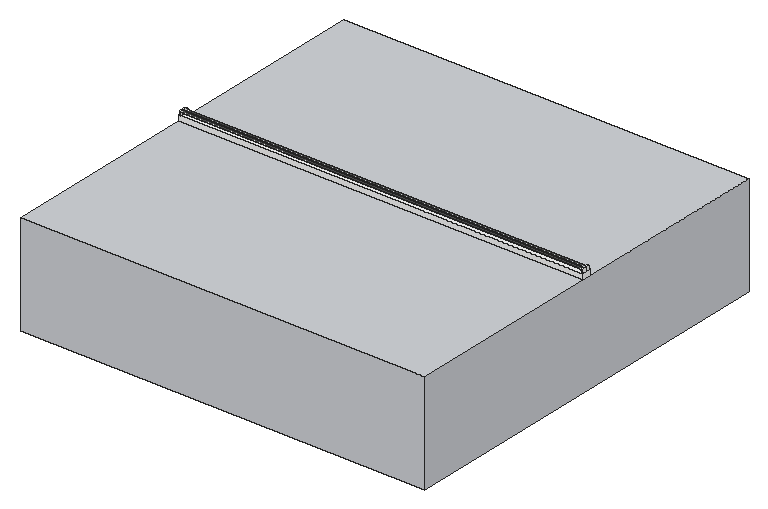
Revit family "CN8", category Lighting Fixtures, host Face, Revit 2012
Parameters (values of type "CN8")
  Wattage Comments = "129 W"
  Wattage = 9.2903 W
  built-in parameter 1150110 = 1 (stored number, unit not read)
  URL = "http://www.columbialighting.com/"
  built-in parameter 1114217 = 1 (stored number, unit not read)
  Tilt Angle = 60.00°
  built-in parameter 1150109 = 1 (stored number, unit not read)
  built-in parameter 1150134 = 3
  built-in parameter 1150113 = 1 (stored number, unit not read)
  Product Page URL = "http://www.columbialighting.com/products/cncnss"
  Product Documentation Link = "http://www.columbialighting.com/content/products/specs/specs_files/cn.pdf"
  Photometric Web File = "generic"
  built-in parameter 1150142 = (empty or 0)
  Model = "CN8"  # constant formula
  Manufacturer Phone = "864-678-1000"  # constant formula
  Manufacturer Fax = "866-898-1065"  # constant formula
  Manufacturer = "Columbia Lighting"  # constant formula
  built-in parameter 1150105 = 109.82 (stored number, unit not read)
  Lumens = 1380 lm
  built-in parameter 1150115 = 1 (stored number, unit not read)
  built-in parameter 1150137 = (empty or 0)
  built-in parameter 1150139 = (empty or 0)
  built-in parameter 1150112 = 1 (stored number, unit not read)
  built-in parameter 1150114 = 1 (stored number, unit not read)
  Lamp = "F54T5"
  built-in parameter 1150132 = (empty or 0)
  built-in parameter 1150102 = (empty or 0)
  built-in parameter 1150107 = 3200 (stored number, unit not read)
  built-in parameter 1150138 = (empty or 0)
  built-in parameter 1150106 = 1.0982 (stored number, unit not read)
  Glass = Glass
  Emit from Line Length = 24.000"
  built-in parameter 1150104 = 13.8 (stored number, unit not read)
  Dimming Lamp Color Temperature Shift = <None>
  Description = "Narrow strip designed specifically for T5/T5HO applications offers smallest strip luminaire for coves, indirect lighting and other restricted spaces that require high performance."  # constant formula
  Default Elevation = 48.000"
  Color Filter = 16777215
  built-in parameter 1114218 = 1 (stored number, unit not read)
  Ballast = "PAV254T5M"
  Backbox = White
  built-in parameter 1150133 = 10 (stored number, unit not read)
Reference planes (in)
  plane 1 "Center (Front/Back)": y = 0.03999
  plane 2: z = 0.06357
  plane 3 "Center (Left/Right)": x = 0.00176
  plane 4: z = 2.25107
  plane 5: x = -47.99824
  plane 6: y = 1.03999
  plane 7: x = 48.00176
  plane 8: y = -0.96001
  plane 9: z = 1.31357
  plane 10: x = -47.89824
  plane 11: x = 47.90176
  plane 12: x = 47.60176
  plane 13: x = -47.59782
  plane 14: y = 0.53999
  plane 15: y = -0.46001
Forms (in)
  Extrusion 1, solid
    sketch origin (0, 0, 0.06357) x (1, 0, 0) y (0, 1, 0)
      loop
        line (-48, 48) -> (-48, -48) -> (48, -48) -> (48, 48) -> (-48, 48)
    from 0 to -24.06357
  Extrusion 2, solid, material "White" <- "Backbox"
    sketch origin (0.00176, 0, 0) x (0, 1, 0) y (0, 0, 1)
      loop
        line (1.03999, 1.31357) -> (-0.96001, 1.31357) -> (-0.96001, 0.06357) -> (1.03999, 0.06357) -> (1.03999, 1.31357)
      loop
        line (0.93999, 0.16357) -> (0.93999, 1.21357) -> (-0.86001, 1.21357) -> (-0.86001, 0.16357) -> (0.93999, 0.16357)
    from -47.9 to 47.9
  Extrusion 3, solid, material "White" <- "Backbox"
    sketch origin (0.00176, 0, 0) x (0, 1, 0) y (0, 0, 1)
      loop
        line (1.03999, 1.31357) -> (-0.96001, 1.31357) -> (-0.96001, 0.06357) -> (1.03999, 0.06357) -> (1.03999, 1.31357)
    from 47.9 to 48
  Extrusion 4, solid, material "White" <- "Backbox"
    sketch origin (0.00176, 0, 0) x (0, 1, 0) y (0, 0, 1)
      loop
        line (0.9561, 1.42793) -> (0.93341, 1.86073)
        arc (0.93341, 1.86073) -> (0.53999, 2.25415) -> (0.14657, 1.86073) r 0.39342
        line (0.14657, 1.86073) -> (0.12389, 1.42793) -> (0.09775, 1.40179) -> (0.12128, 1.37825) -> (0.11789, 1.31357) -> (0.96209, 1.31357) -> (0.9587, 1.37825) -> (0.98224, 1.40179) -> (0.9561, 1.42793)
      loop
        line (-0.87611, 1.42793) -> (-0.90225, 1.40179) -> (-0.87872, 1.37825) -> (-0.88211, 1.31357) -> (-0.03791, 1.31357) -> (-0.0413, 1.37825) -> (-0.01776, 1.40179) -> (-0.0439, 1.42793) -> (-0.06659, 1.86073)
        arc (-0.06659, 1.86073) -> (-0.46001, 2.25415) -> (-0.85343, 1.86073) r 0.39342
        line (-0.85343, 1.86073) -> (-0.87611, 1.42793)
    from 47.6 to 47.9
  Extrusion 5, solid, material "White" <- "Backbox"
    sketch origin (0.01104, 0, 0) x (0, 1, 0) y (0, 0, -1)
      loop
        line (0.9561, -1.42793) -> (0.98224, -1.40179) -> (0.9587, -1.37825) -> (0.96209, -1.31357) -> (0.11789, -1.31357) -> (0.12128, -1.37825) -> (0.09775, -1.40179) -> (0.12389, -1.42793) -> (0.14657, -1.86073)
        arc (0.14657, -1.86073) -> (0.53999, -2.25415) -> (0.93341, -1.86073) r 0.39342
        line (0.93341, -1.86073) -> (0.9561, -1.42793)
      loop
        line (-0.87611, -1.42793) -> (-0.85343, -1.86073)
        arc (-0.85343, -1.86073) -> (-0.46001, -2.25415) -> (-0.06659, -1.86073) r 0.39342
        line (-0.06659, -1.86073) -> (-0.0439, -1.42793) -> (-0.01776, -1.40179) -> (-0.0413, -1.37825) -> (-0.03791, -1.31357) -> (-0.88211, -1.31357) -> (-0.87872, -1.37825) -> (-0.90225, -1.40179) -> (-0.87611, -1.42793)
    from 47.60886 to 47.90928
  Extrusion 6, solid, material "White" <- "Backbox"
    sketch origin (0.01104, 0, 0) x (0, 1, 0) y (0, 0, -1)
      loop
        line (1.03999, -1.31357) -> (1.03999, -0.06357) -> (-0.96001, -0.06357) -> (-0.96001, -1.31357) -> (1.03999, -1.31357)
    from 47.90928 to 48.00928
  Extrusion 7, solid, material "Glass" <- "Glass"
    sketch origin (0.00176, 0, 0) x (0, 1, 0) y (0, 0, 1)
      loop
        circle (0.53999, 1.8877) r 0.28
      loop
        circle (-0.46001, 1.8877) r 0.28
    from -47.59958 to 47.6
Cuts and joins
  joined: Extrusion 2, Extrusion 3, Extrusion 4, Extrusion 5, Extrusion 6
Dimensions and locks (in)
  locked: plane 5 to plane 3 "Center (Left/Right)" at 48
  locked: plane 6 to plane 1 "Center (Front/Back)" at 1
  locked: plane 7 to plane 3 "Center (Left/Right)" at 48
  locked: plane 8 to plane 1 "Center (Front/Back)" at 1
  locked: plane 4 to Extrusion 1 at 2.1875
  locked: plane 10 to plane 5 at 0.1
  locked: level to Extrusion 2 at 1.25
  locked: plane 11 to plane 7 at 0.1
  locked: Extrusion 5 to level at 1.25
  locked: Extrusion 4 to level at 1.25
  locked: plane 14 to plane 1 "Center (Front/Back)" at 0.5
  locked: plane 14 to Extrusion 7 sketch curve at 0
  locked: plane 15 to Extrusion 7 sketch curve at 0
  locked: Extrusion 5 to Extrusion 4 at 0.08168  (x2)
  locked: plane 5 to plane 13 at 0.40042
  locked: plane 7 to plane 12 at 0.4
  aligned and locked: plane 2 to Extrusion 1
  aligned and locked: plane 9 to Extrusion 2 sketch curve
  aligned and locked: plane 6 to Extrusion 2 sketch curve
  aligned and locked: Extrusion 2 sketch curve to level
  aligned and locked: plane 8 to Extrusion 2 sketch curve
  aligned and locked: Extrusion 2 to plane 10
  aligned and locked: Extrusion 3 sketch curve to Extrusion 2  (x4)
  aligned and locked: plane 9 to Extrusion 4 sketch curve
  aligned and locked: Extrusion 4 sketch curve to Extrusion 2
  aligned and locked: Extrusion 2 to plane 11
  aligned and locked: Extrusion 2 to Extrusion 4
  aligned and locked: Extrusion 4 to plane 12
  aligned and locked: Extrusion 3 to Extrusion 2
  aligned and locked: Extrusion 5 to plane 9
  aligned and locked: Extrusion 3 to plane 7
  aligned and locked: plane 11 to Extrusion 3
  aligned and locked: Extrusion 5 to plane 13
  aligned and locked: plane 10 to Extrusion 6
  aligned and locked: Extrusion 6 to plane 5
  aligned and locked: Extrusion 7 to Extrusion 5
  aligned and locked: plane 12 to Extrusion 7
  aligned and locked: Extrusion 5 to Extrusion 2
Connectors (in)
  electrical at (0, 0, 0.06357), driven by "Description"
    settings: index 1, voltage 0 V, apparent load 0 VA, apparent load phase1 0 VA, apparent load phase2 0 VA, apparent load phase3 0 VA, power factor 1, load classification "Lighting", number of poles 1, system type 30, power factor state 1, is connector primary yes, connector utility no, sub classification motor no, connector description "Narrow strip designed specifically for T5/T5HO applications offers smallest strip luminaire for coves, indirect lighting and other restricted spaces that require high performance."
